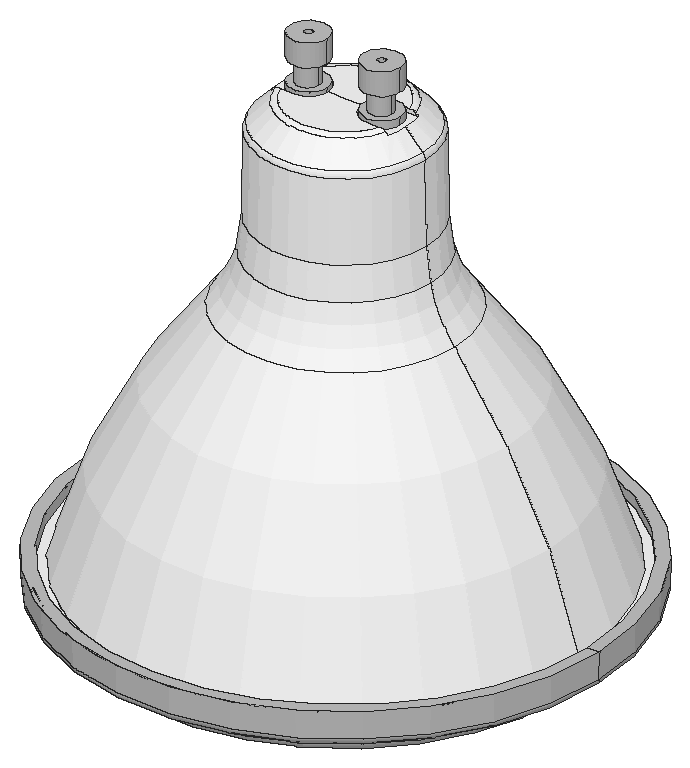
Revit family "STL23434_27", category Luminárias, Revit 2023
Family settings
  Cota do conector redondo = Utilizar diâmetro
  Tipo de parte = Normal
  Com base no plano de trabalho = Não
  Sempre na vertical = Sim
  Corte com vazios quando carregada = Não
  Fonte luminosa = Sim
  Manter orientação da anotação = Não
  Compartilhado = Não
  Ponto de cálculo do ambiente = Não
Parameters (values of type "STL23434/27 - BIVOLT - 2700K - 350lm - 24°")
  Ângulo de inclinação = 90.00°
  Ângulo de Abertura = "24°"
  Wattage = 2.35624 W
  URL = "https://stella.com.br/"
  Troca de temperatura da cor de lâmpada com esmaecimento = <Nenhum>
  Tensão Elétrica = "100V-240V"
  built-in parameter 1150107 = 2700 (stored number, unit not read)
  Temperatura da cor (K) = 2700 K
  Referência = "STL23433/27"
  Potência = 4 W
  built-in parameter 1150110 = 1 (stored number, unit not read)
  built-in parameter 1150109 = 1 (stored number, unit not read)
  built-in parameter 1114218 = 1 (stored number, unit not read)
  built-in parameter 1150112 = 1 (stored number, unit not read)
  built-in parameter 1150113 = 1 (stored number, unit not read)
  built-in parameter 1150142 = "IESNA:LM-63-2002\r\n[TEST] Viso BaseSpion - serial: 2183678036 sensor serial: 1483989726\r\n[TESTLAB] Viso BaseSpion - serial: 2183678036 sensor serial: 1483989726 - Test lab\r\n[MANUFAC] N/A\r\n[ISSUEDATE] 22/06/2023\r\n[LUMINAIRE] STELLA - STL23434/27 - AR70 ECO 24°\r\n[LUMCAT] N/A\r\n[_SERIALNUMBER] VFR-230622-9438-MS\r\nTILT=NONE\r\n1 350 1 91 1 1 2 -0.056 -0.056 0\r\n1.0 1.0 4.10\r\n0 1 2 3 4 5 6 7 8 9 10 11 12 13 14 15 16 17 18 19 20 21 22 23 24 25 26 27 28 29 30 31 32 33 34 35 36 37 38 39 40 41 42 43 44 45 46 47 48 49 50 51 52 53 54 55 56 57 58 59 60 61 62 63 64 65 66 67 68 69 70 71 72 73 74 75 76 77 78 79 80\r\n 81 82 83 84 85 86 87 88 89 90\r\n0 \r\n1147.088867 1140.463135 1118.450928 1081.414307 1029.794434 964.740784 889.290344 806.578186 718.653809 628.671143 541.288391 459.509369 385.303925 320.867981 266.295624 221.009308 185.537949 159.168411 140.358627 127.948959 120.402298\r\n 116.043617 113.533875 112.164024 111.433128 110.860672 110.177948 109.477921 108.926605 108.520622 108.012596 107.133728 105.904617 104.393791 102.720345 100.965485 99.182663 97.625275 96.236259 94.835136 93.53598 92.261887 90.883049\r\n 89.311913 87.445747 85.209496 82.338318 78.197212 71.816353 62.66209 51.206223 38.915588 28.047962 20.373941 16.1166 14.194821 13.313189 12.71951 12.185637 11.757394 11.457028 11.2443 11.090177 10.891327 10.448911 9.721576 8.804545\r\n 7.82618 6.906081 5.959147 4.869029 3.678138 2.543659 1.515689 0.668092 0.231241 0.113839 0.080034 0.059379 0.052281 0.042589 0.042533 0.04179 0.039017 0.038884 0.04144 0.040938 0.039413 0.042266 0.034909 0.031259\r\n"
  built-in parameter 1150132 = 2
  built-in parameter 1150137 = (empty or 0)
  Modelo = "Lâmpada LED AR70 24° ECO"
  Luminoso [instance] = Luminoso - 2700K
  built-in parameter 1150106 = 19.052 (stored number, unit not read)
  built-in parameter 1150102 = (empty or 0)
  built-in parameter 1150105 = 1905.2 (stored number, unit not read)
  IRC (Índice de reprodução de cores) = ">80"
  Grau de proteção (IP) = "IP20"
  Fluxo Luminoso = 350 lm
  Color Filter = 16777215
  built-in parameter 1114217 = 1 (stored number, unit not read)
  built-in parameter 1150139 = (empty or 0)
  Fabricante = "Stella"
  Estrutura [instance] = Al - Branco
  Default Elevation = 0.00 m
  built-in parameter 1150104 = 13.8 (stored number, unit not read)
  Diâmetro = 0.07 m
  Dimerização = "Não dimerizável"
  built-in parameter 1150115 = 1 (stored number, unit not read)
  built-in parameter 1150114 = 1 (stored number, unit not read)
  Cromado [instance] = Cromado
  Lumens = 350 lm
  built-in parameter 1150138 = (empty or 0)
  built-in parameter 1150134 = (empty or 0)
  Arquivo de rede fotométrica = "STELLA - STL23434-27 - AR70 ECO 24°.ies"
  Altura = 0.069 m
  built-in parameter 1150133 = 10 (stored number, unit not read)
Reference planes (m)
  plane 1 "Centro (Frente/Trás)": y = 0
  plane 2: z = 0
  plane 3 "Centro (Esquerda/Direita)": x = 0
  plane 4: x = 0.035
  plane 5: x = -0.035
  plane 6 "Superior": z = 0.061573
  plane 7 "Base": z = -0.007427
  plane 8: y = 0.035
  plane 9: y = -0.035
Forms (m)
  Extrusion 1, void
    sketch origin (0.017547, -0.129323, 0) x (1, 0, 0) y (0, 1, 0)
      loop
        arc (-0.019858, 0.129323) -> (-0.020631, 0.131192) -> (-0.0225, 0.131966) r 0.002642
        line (-0.0225, 0.131966) -> (-0.026641, 0.131966)
        arc (-0.026641, 0.131966) -> (-0.026738, 0.130731) -> (-0.026775, 0.129493) r 0.025985
        arc (-0.026775, 0.129493) -> (-0.026747, 0.128085) -> (-0.026641, 0.126681) r 0.025985
        line (-0.026641, 0.126681) -> (-0.0225, 0.126681)
        arc (-0.0225, 0.126681) -> (-0.020631, 0.127455) -> (-0.019858, 0.129323) r 0.002642
    from 0.0549 to 0.0559
  Extrusion 2, solid, material "Cromado" <- "Cromado"
    sketch origin (0, 0, 0) x (1, 0, 0) y (0, 1, 0)
      loop
        circle (-0.005, 0) r 0.0025
    from 0.0549 to 0.0559
  Extrusion 3, solid, material "Cromado" <- "Cromado"
    sketch origin (-0.0001, 0, 0) x (1, 0, 0) y (0, 1, 0)
      loop
        circle (-0.005, 0) r 0.0015
    from 0.0559 to 0.0589
  Extrusion 4, solid, material "Cromado" <- "Cromado"
    sketch origin (0, 0, 0) x (1, 0, 0) y (0, 1, 0)
      loop
        circle (-0.005, 0) r 0.0025
    from 0.0619 to 0.0589
  Extrusion 5, solid, material "Cromado" <- "Cromado"
    sketch origin (0, 0, 0) x (-1, 0, 0) y (0, -1, 0)
      loop
        circle (-0.005, 0) r 0.0025
    from 0.0549 to 0.0559
  Extrusion 6, solid, material "Cromado" <- "Cromado"
    sketch origin (-0.0001, 0, 0) x (-1, 0, 0) y (0, -1, 0)
      loop
        circle (-0.005, 0) r 0.0015
    from 0.0559 to 0.0589
  Extrusion 7, solid, material "Cromado" <- "Cromado"
    sketch origin (0, 0, 0) x (-1, 0, 0) y (0, -1, 0)
      loop
        circle (-0.005, 0) r 0.0025
    from 0.0619 to 0.0589
  Extrusion 8, void
    sketch origin (-0.000028, 0, 0) x (1, 0, 0) y (0, 1, 0)
      loop
        circle (-0.004972, 0) r 0.0005
    from 0.0619 to 0.0549
  Extrusion 9, void
    sketch origin (0, 0, 0) x (-1, 0, 0) y (0, -1, 0)
      loop
        circle (-0.005, 0) r 0.0005
    from 0.0549 to 0.0619
  Revolve 10, solid, material "Cromado" <- "Cromado"
    sketch origin (0, 0, 0) x (1, 0, 0) y (0, 0, 1)
      loop
        line (0.028274, -0.007427) -> (0.029074, -0.007427)
        arc (0.029074, -0.007427) -> (0.029945, -0.00713) -> (0.030455, -0.006363) r 0.001429
        line (0.030455, -0.006363) -> (0.030896, -0.0049) -> (0.032454, -0.0049)
        arc (0.032454, -0.0049) -> (0.032856, -0.00486) -> (0.033229, -0.004705) r 0.001364
        line (0.033229, -0.004705) -> (0.034261, -0.00408)
        arc (0.034261, -0.00408) -> (0.034548, -0.003779) -> (0.034643, -0.003373) r 0.000793
        line (0.034643, -0.003373) -> (0.034702, 0) -> (0.033102, 0) -> (0.033079, -0.0013) -> (0.033902, -0.0013) -> (0.033902, -0.0021) -> (0.033164, -0.003116) -> (0.032544, -0.0036) -> (0.029761, -0.0036) -> (0.029605, -0.004446)
        arc (0.029605, -0.004446) -> (0.029228, -0.005086) -> (0.028589, -0.005466) r 0.001495
        arc (0.028589, -0.005466) -> (0.028149, -0.005347) -> (0.027896, -0.004966) r 0.000649
        arc (0.027896, -0.004966) -> (0.021777, 0.00596) -> (0.014324, 0.016022) r 0.098647
        arc (0.014324, 0.016022) -> (0.014007, 0.016293) -> (0.013602, 0.01639) r 0.000892
        line (0.013602, 0.01639) -> (0.011321, 0.01639) -> (0.011321, 0.01519) -> (0.013717, 0.01519)
        arc (0.013717, 0.01519) -> (0.02144, 0.004632) -> (0.027682, -0.006864) r 0.097647
        arc (0.027682, -0.006864) -> (0.027924, -0.007202) -> (0.028274, -0.007427) r 0.001101
      axis (0, 0.01639) -> (0, -0.007427)
    angle from 0 to 360
  Revolve 11, solid, material "Al - Branco" <- "Estrutura"
    sketch origin (0, 0, 0) x (1, 0, 0) y (0, 0, 1)
      loop
        arc (0.009999, 0.041174) -> (0.010203, 0.038992) -> (0.010573, 0.036832) r 0.028692
        arc (0.010573, 0.036832) -> (0.011085, 0.034849) -> (0.011773, 0.03292) r 0.022775
        line (0.011773, 0.03292) -> (0.011797, 0.03163)
        arc (0.011797, 0.03163) -> (0.011903, 0.031105) -> (0.012186, 0.03065) r 0.0015
        arc (0.012186, 0.03065) -> (0.015163, 0.027191) -> (0.017959, 0.023584) r 0.0889
        arc (0.017959, 0.023584) -> (0.025148, 0.012044) -> (0.030494, -0.000458) r 0.0889
        line (0.030494, -0.000458) -> (0.030534, -0.0016) -> (0.029534, -0.0016) -> (0.029534, -0.0024) -> (0.0302, -0.0035) -> (0.032, -0.0035) -> (0.033451, -0.002049) -> (0.0338, -0.0013) -> (0.031923, -0.0013)
        arc (0.031923, -0.0013) -> (0.025236, 0.015494) -> (0.014975, 0.030377) r 0.080631
        arc (0.014975, 0.030377) -> (0.012885, 0.033505) -> (0.011649, 0.037059) r 0.014848
        arc (0.011649, 0.037059) -> (0.011286, 0.039197) -> (0.011091, 0.041357) r 0.027592
        line (0.011091, 0.041357) -> (0.010909, 0.051767)
        arc (0.010909, 0.051767) -> (0.01083, 0.052201) -> (0.010614, 0.052586) r 0.001348
        line (0.010614, 0.052586) -> (0.008018, 0.055182)
        arc (0.008018, 0.055182) -> (0.007664, 0.055418) -> (0.007247, 0.0555) r 0.001086
        line (0.007247, 0.0555) -> (0, 0.0555) -> (0, 0.0542) -> (0.007303, 0.0542) -> (0.00981, 0.051693) -> (0.009992, 0.041298)
      axis (0, 0.0555) -> (0, -0.0035)
    angle from 0 to 360
  Revolve 12, solid, material "Luminoso - 2700K" <- "Luminoso"
    sketch origin (0, 0, 0) x (1, 0, 0) y (0, 0, 1)
      loop
        arc (0.006569, 0.006435) -> (0.009729, 0.011069) -> (0.011171, 0.01649) r 0.01665
        line (0.011171, 0.01649) -> (0.015171, 0.01649) -> (0.015171, 0.018) -> (0.011311, 0.018)
        arc (0.011311, 0.018) -> (0.009983, 0.017496) -> (0.009325, 0.016238) r 0.002
        arc (0.009325, 0.016238) -> (0.00859, 0.013079) -> (0.007187, 0.010156) r 0.01484
        arc (0.007187, 0.010156) -> (0.005894, 0.008746) -> (0.004178, 0.0079) r 0.005191
        line (0.004178, 0.0079) -> (0, 0.0079) -> (0, 0.00618) -> (0.006569, 0.006435)
      axis (0, 0.018) -> (0, 0.00618)
    angle from 0 to 360
  Revolve 13, solid, material "Cromado" <- "Cromado"
    sketch origin (0, 0, 0) x (1, 0, 0) y (0, 0, 1)
      loop
        arc (0.006279, -0.00097) -> (0.003286, 0.002493) -> (0, 0.00568) r 0.05201
        line (0, 0.00568) -> (0, -0.00652) -> (0.003465, -0.00652)
        arc (0.003465, -0.00652) -> (0.005611, -0.005631) -> (0.0065, -0.003485) r 0.003035
        line (0.0065, -0.003485) -> (0.0065, -0.001773)
        arc (0.0065, -0.001773) -> (0.006444, -0.001357) -> (0.006279, -0.00097) r 0.001569
      axis (0, 0.00568) -> (0, -0.00652)
    angle from 0 to 360
  Revolve 14, solid, material "Cromado" <- "Cromado"
    sketch origin (0, 0, 0) x (1, 0, 0) y (0, 0, 1)
      loop
        arc (0, 0.00618) -> (0.003353, 0.002958) -> (0.006408, -0.000549) r 0.052318
        line (0.006408, -0.000549) -> (0.006569, 0.006435) -> (0, 0.00618)
      axis (0, 0.006435) -> (0, -0.000549)
    angle from 0 to 360
  Extrusion 15, solid, material "Cromado" <- "Cromado"
    sketch origin (0, 0, 0) x (1, 0, 0) y (0, 0, 1)
      loop
        arc (0.006444, -0.001357) -> (0.006492, -0.001755) -> (0.0065, -0.002157) r 0.003999
        line (0.0065, -0.002157) -> (0.0065, -0.003485)
        arc (0.0065, -0.003485) -> (0.005611, -0.005631) -> (0.003465, -0.00652) r 0.003035
        line (0.003465, -0.00652) -> (0, -0.00652) -> (-0.003465, -0.00652)
        arc (-0.003465, -0.00652) -> (-0.005611, -0.005631) -> (-0.0065, -0.003485) r 0.003035
        line (-0.0065, -0.003485) -> (-0.0065, -0.002157)
        arc (-0.0065, -0.002157) -> (-0.006492, -0.001755) -> (-0.006444, -0.001357) r 0.003999
        line (-0.006444, -0.001357) -> (-0.02, 0.00228) -> (-0.024712, 0.00228)
        arc (-0.024712, 0.00228) -> (-0.026164, 0.001571) -> (-0.027255, 0.00038) r 0.004334
        line (-0.027255, 0.00038) -> (-0.025527, 0.00038) -> (-0.025475, -0.002602) -> (-0.0085, -0.00712) -> (0.0085, -0.00712) -> (0.025475, -0.002602) -> (0.025527, 0.00038) -> (0.027255, 0.00038)
        arc (0.027255, 0.00038) -> (0.026164, 0.001571) -> (0.024712, 0.00228) r 0.004334
        line (0.024712, 0.00228) -> (0.02, 0.00228) -> (0.006444, -0.001357)
    from -0.000705 to 0.0007
  Extrusion 16, void
    sketch origin (-0.017547, -0.129323, 0) x (-1, 0, 0) y (0, -1, 0)
      loop
        arc (-0.019858, -0.129323) -> (-0.020631, -0.127455) -> (-0.0225, -0.126681) r 0.002642
        line (-0.0225, -0.126681) -> (-0.026641, -0.126681)
        arc (-0.026641, -0.126681) -> (-0.026747, -0.128085) -> (-0.026775, -0.129493) r 0.025985
        arc (-0.026775, -0.129493) -> (-0.026738, -0.130731) -> (-0.026641, -0.131966) r 0.025985
        line (-0.026641, -0.131966) -> (-0.0225, -0.131966)
        arc (-0.0225, -0.131966) -> (-0.020631, -0.131192) -> (-0.019858, -0.129323) r 0.002642
    from 0.0549 to 0.0559
Cuts and joins
  Extrusion 8, Extrusion 9 cuts Extrusion 2
  Extrusion 8, Extrusion 9 cuts Extrusion 3
  Extrusion 8, Extrusion 9 cuts Extrusion 4
  joined: Extrusion 2, Extrusion 3, Extrusion 4
  Extrusion 9 cuts Extrusion 5
  Extrusion 9 cuts Extrusion 6
  Extrusion 9 cuts Extrusion 7
  joined: Extrusion 5, Extrusion 6, Extrusion 7
  Extrusion 1, Extrusion 16 cuts Revolve 11
Dimensions and locks (m)
  "Altura": plane 6 "Superior" to plane 7 "Base"
  "Diâmetro": plane 8 to plane 9
  aligned and locked: level to plane 2
  aligned and locked: Extrusion 3 to Extrusion 4
  aligned and locked: Extrusion 6 to Extrusion 7
Automatic sketch dimensions
  Extrusion 1 sketch curve to Extrusion 1 sketch curve = 0.00 m  (x4)
  plane 1 "Centro (Frente/Trás)" to Extrusion 1 sketch curve = 0.00 m  (x2)
  plane 1 "Centro (Frente/Trás)" to Extrusion 1 sketch curve = 0.002642 m
  Extrusion 1 sketch curve to plane 3 "Centro (Esquerda/Direita)" = 0.009094 m
  Extrusion 1 sketch curve to Extrusion 1 sketch curve = 0.004141 m
  plane 3 "Centro (Esquerda/Direita)" to Extrusion 1 sketch curve = 0.016756 m
  Extrusion 1 sketch curve to plane 1 "Centro (Frente/Trás)" = 0.00017 m
  plane 1 "Centro (Frente/Trás)" to Extrusion 2 sketch curve = 0.00 m
  Extrusion 2 sketch curve to plane 3 "Centro (Esquerda/Direita)" = 0.005 m
  plane 1 "Centro (Frente/Trás)" to Extrusion 3 sketch curve = 0.00 m
  Extrusion 3 sketch curve to plane 3 "Centro (Esquerda/Direita)" = 0.0051 m
  plane 1 "Centro (Frente/Trás)" to Extrusion 4 sketch curve = 0.00 m
  Extrusion 4 sketch curve to plane 3 "Centro (Esquerda/Direita)" = 0.005 m
  plane 1 "Centro (Frente/Trás)" to Extrusion 5 sketch curve = 0.00 m
  plane 3 "Centro (Esquerda/Direita)" to Extrusion 5 sketch curve = 0.005 m
  plane 1 "Centro (Frente/Trás)" to Extrusion 6 sketch curve = 0.00 m
  plane 3 "Centro (Esquerda/Direita)" to Extrusion 6 sketch curve = 0.0049 m
  plane 1 "Centro (Frente/Trás)" to Extrusion 7 sketch curve = 0.00 m
  plane 3 "Centro (Esquerda/Direita)" to Extrusion 7 sketch curve = 0.005 m
  Extrusion 8 sketch curve to Extrusion 8 sketch curve = 0.00 m  (x2)
  plane 1 "Centro (Frente/Trás)" to Extrusion 8 sketch curve = 0.00 m
  Extrusion 8 sketch curve to plane 3 "Centro (Esquerda/Direita)" = 0.005 m
  Extrusion 8 sketch curve to Extrusion 8 sketch curve = 0.0005 m
  Extrusion 9 sketch curve to Extrusion 9 sketch curve = 0.00 m  (x2)
  plane 1 "Centro (Frente/Trás)" to Extrusion 9 sketch curve = 0.00 m
  plane 3 "Centro (Esquerda/Direita)" to Extrusion 9 sketch curve = 0.005 m
  Extrusion 9 sketch curve to plane 1 "Centro (Frente/Trás)" = 0.0005 m
  Revolve 10 sketch curve to Revolve 10 sketch curve = 0.00 m  (x2)
  Revolve 10 sketch curve to plane 3 "Centro (Esquerda/Direita)" = 0.00 m
  Revolve 10 sketch curve to plane 7 "Base" = 0.00 m
  Revolve 10 sketch curve to level = 0.00 m
  Revolve 10 sketch curve to plane 5 = 0.026058 m
  plane 3 "Centro (Esquerda/Direita)" to Revolve 10 sketch curve = 0.011321 m
  Revolve 10 sketch curve to Revolve 10 sketch curve = 0.002281 m
  Revolve 10 sketch curve to Revolve 10 sketch curve = 0.000115 m
  plane 7 "Base" to Revolve 10 sketch curve = 0.003395 m
  Revolve 10 sketch curve to plane 4 = 0.006832 m
  Revolve 10 sketch curve to Revolve 10 sketch curve = 0.000105 m
  Revolve 10 sketch curve to Revolve 10 sketch curve = 0.00036 m
  Revolve 10 sketch curve to Revolve 10 sketch curve = 0.000409 m
  Revolve 10 sketch curve to Revolve 10 sketch curve = 0.0008 m  (x2)
  Revolve 10 sketch curve to Revolve 10 sketch curve = 0.001076 m
  Revolve 10 sketch curve to Revolve 10 sketch curve = 0.000156 m
  plane 7 "Base" to Revolve 10 sketch curve = 0.001063 m
  Revolve 10 sketch curve to Revolve 10 sketch curve = 0.001381 m
  Revolve 10 sketch curve to Revolve 10 sketch curve = 0.001291 m
  Revolve 10 sketch curve to Revolve 10 sketch curve = 0.001558 m
  Revolve 10 sketch curve to Revolve 10 sketch curve = 0.000069 m
  Revolve 10 sketch curve to Revolve 10 sketch curve = 0.000021 m
  Revolve 10 sketch curve to plane 4 = 0.001921 m
  Revolve 10 sketch curve to Revolve 10 sketch curve = 0.000023 m
  Revolve 10 sketch curve to Revolve 10 sketch curve = 0.000642 m
  Revolve 10 sketch curve to Revolve 10 sketch curve = 0.000775 m
  Revolve 10 sketch curve to Revolve 10 sketch curve = 0.000687 m
  Revolve 10 sketch curve to plane 4 = 0.001098 m
  Revolve 10 sketch curve to plane 4 = 0.000739 m
  Revolve 10 sketch curve to plane 4 = 0.000357 m
  Revolve 10 sketch curve to plane 4 = 0.000298 m
  Revolve 10 sketch curve to plane 7 "Base" = 0.04018 m
  Revolve 10 sketch curve to Revolve 10 sketch curve = 0.000407 m
  Revolve 10 sketch curve to Revolve 10 sketch curve = 0.001463 m
  Revolve 10 sketch curve to Revolve 10 sketch curve = 0.000788 m
  Revolve 10 sketch curve to Revolve 10 sketch curve = 0.000195 m
  Revolve 10 sketch curve to Revolve 10 sketch curve = 0.000375 m
  Revolve 10 sketch curve to Revolve 10 sketch curve = 0.000625 m
  Revolve 10 sketch curve to Revolve 10 sketch curve = 0.000062 m
  Revolve 10 sketch curve to Revolve 10 sketch curve = 0.000678 m
  Revolve 10 sketch curve to Revolve 10 sketch curve = 0.000287 m
  Revolve 10 sketch curve to Revolve 10 sketch curve = 0.001016 m
  level to Revolve 10 sketch curve = 0.01519 m
  Revolve 10 sketch curve to Revolve 10 sketch curve = 0.000308 m
  Revolve 10 sketch curve to Revolve 10 sketch curve = 0.000892 m
  Revolve 10 sketch curve to Revolve 10 sketch curve = 0.000722 m
  Revolve 10 sketch curve to Revolve 10 sketch curve = 0.000632 m
  Revolve 10 sketch curve to plane 7 "Base" = 0.005076 m
  Revolve 10 sketch curve to Revolve 10 sketch curve = 0.00431 m
  Revolve 11 sketch curve to Revolve 11 sketch curve = 0.00 m  (x6)
  Revolve 11 sketch curve to plane 3 "Centro (Esquerda/Direita)" = 0.00 m  (x2)
  Revolve 11 sketch curve to plane 5 = 0.01086 m
  Revolve 11 sketch curve to Revolve 11 sketch curve = 0.007821 m
  plane 3 "Centro (Esquerda/Direita)" to Revolve 11 sketch curve = 0.007247 m
  Revolve 11 sketch curve to Revolve 11 sketch curve = 0.000003 m
  Revolve 11 sketch curve to Revolve 11 sketch curve = 0.000053 m
  Revolve 11 sketch curve to Revolve 11 sketch curve = 0.000771 m
  Revolve 11 sketch curve to Revolve 11 sketch curve = 0.002259 m
  Revolve 11 sketch curve to Revolve 11 sketch curve = 0.000249 m
  Revolve 11 sketch curve to Revolve 11 sketch curve = 0.000804 m
  Revolve 11 sketch curve to Revolve 11 sketch curve = 0.000295 m
  Revolve 11 sketch curve to Revolve 11 sketch curve = 0.000182 m
  Revolve 11 sketch curve to Revolve 11 sketch curve = 0.000682 m
  Revolve 11 sketch curve to Revolve 11 sketch curve = 0.000024 m
  Revolve 11 sketch curve to Revolve 11 sketch curve = 0.0015 m
  Revolve 11 sketch curve to plane 4 = 0.008822 m
  Revolve 11 sketch curve to level = 0.0024 m
  Revolve 11 sketch curve to plane 4 = 0.005466 m
  Revolve 11 sketch curve to Revolve 11 sketch curve = 0.000666 m
  Revolve 11 sketch curve to level = 0.000458 m
  Revolve 11 sketch curve to Revolve 11 sketch curve = 0.00096 m
  Revolve 11 sketch curve to Revolve 11 sketch curve = 0.001 m
  Revolve 11 sketch curve to Revolve 11 sketch curve = 0.001389 m
  Revolve 11 sketch curve to Revolve 11 sketch curve = 0.0018 m
  Revolve 11 sketch curve to plane 4 = 0.002142 m
  Revolve 11 sketch curve to plane 4 = 0.001549 m
  Revolve 11 sketch curve to Revolve 11 sketch curve = 0.000349 m
  plane 4 to Revolve 11 sketch curve = 0.003648 m
  Revolve 11 sketch curve to Revolve 11 sketch curve = 0.0011 m  (x2)
  Revolve 11 sketch curve to plane 7 "Base" = 0.015116 m
  Revolve 11 sketch curve to Revolve 11 sketch curve = 0.006513 m
  Revolve 11 sketch curve to level = 0.002049 m
  Revolve 11 sketch curve to Revolve 11 sketch curve = 0.0008 m
  Revolve 11 sketch curve to level = 0.0013 m
  level to Revolve 11 sketch curve = 0.03163 m
  Revolve 11 sketch curve to Revolve 11 sketch curve = 0.000028 m
  Revolve 11 sketch curve to Revolve 11 sketch curve = 0.001291 m
  Revolve 11 sketch curve to Revolve 11 sketch curve = 0.008464 m
  Revolve 11 sketch curve to Revolve 11 sketch curve = 0.008437 m
  Revolve 11 sketch curve to Revolve 11 sketch curve = 0.001408 m
  Revolve 11 sketch curve to Revolve 11 sketch curve = 0.001221 m
  Revolve 11 sketch curve to Revolve 11 sketch curve = 0.010335 m
  Revolve 11 sketch curve to Revolve 11 sketch curve = 0.000051 m
  Revolve 11 sketch curve to Revolve 11 sketch curve = 0.000075 m
  Revolve 11 sketch curve to Revolve 11 sketch curve = 0.002456 m
  Revolve 11 sketch curve to Revolve 11 sketch curve = 0.000214 m
  Revolve 11 sketch curve to Revolve 11 sketch curve = 0.000768 m
  Revolve 11 sketch curve to Revolve 11 sketch curve = 0.001099 m
  Revolve 11 sketch curve to Revolve 11 sketch curve = 0.000007 m
  Revolve 11 sketch curve to Revolve 11 sketch curve = 0.002984 m
  Revolve 11 sketch curve to plane 7 "Base" = 0.005076 m
  Revolve 11 sketch curve to Revolve 11 sketch curve = 0.000124 m
  plane 6 "Superior" to Revolve 11 sketch curve = 0.004914 m
  Revolve 12 sketch curve to Revolve 12 sketch curve = 0.00 m  (x3)
  Revolve 12 sketch curve to plane 3 "Centro (Esquerda/Direita)" = 0.00 m  (x2)
  Revolve 12 sketch curve to plane 3 "Centro (Esquerda/Direita)" = 0.00541 m
  plane 3 "Centro (Esquerda/Direita)" to Revolve 12 sketch curve = 0.00278 m
  Revolve 12 sketch curve to Revolve 12 sketch curve = 0.004178 m
  Revolve 12 sketch curve to Revolve 12 sketch curve = 0.002391 m
  Revolve 12 sketch curve to Revolve 12 sketch curve = 0.008391 m
  Revolve 12 sketch curve to Revolve 12 sketch curve = 0.000139 m
  Revolve 12 sketch curve to Revolve 12 sketch curve = 0.003861 m
  level to Revolve 12 sketch curve = 0.00618 m
  level to Revolve 12 sketch curve = 0.006435 m
  Revolve 12 sketch curve to Revolve 12 sketch curve = 0.00172 m
  Revolve 12 sketch curve to Revolve 12 sketch curve = 0.005 m
  Revolve 12 sketch curve to Revolve 12 sketch curve = 0.0031 m
  Revolve 12 sketch curve to Revolve 12 sketch curve = 0.00049 m
  Revolve 12 sketch curve to Revolve 12 sketch curve = 0.00151 m
  plane 7 "Base" to Revolve 12 sketch curve = 0.001842 m
  Revolve 12 sketch curve to Revolve 12 sketch curve = 0.0032 m
  Revolve 13 sketch curve to plane 3 "Centro (Esquerda/Direita)" = 0.00 m  (x2)
  plane 5 to Revolve 13 sketch curve = 0.00047 m
  plane 3 "Centro (Esquerda/Direita)" to Revolve 13 sketch curve = 0.003465 m
  Revolve 13 sketch curve to Revolve 13 sketch curve = 0.001466 m
  Revolve 13 sketch curve to Revolve 13 sketch curve = 0.001569 m
  Revolve 13 sketch curve to plane 7 "Base" = 0.025787 m
  plane 7 "Base" to Revolve 13 sketch curve = 0.000907 m
  Revolve 13 sketch curve to level = 0.001773 m
  level to Revolve 13 sketch curve = 0.00568 m
  Revolve 13 sketch curve to plane 7 "Base" = 0.000586 m
  Revolve 13 sketch curve to Revolve 13 sketch curve = 0.001307 m
  Revolve 14 sketch curve to plane 3 "Centro (Esquerda/Direita)" = 0.00 m  (x2)
  plane 5 to Revolve 14 sketch curve = 0.000464 m
  Revolve 14 sketch curve to level = 0.000549 m
  plane 3 "Centro (Esquerda/Direita)" to Revolve 14 sketch curve = 0.006408 m
  plane 3 "Centro (Esquerda/Direita)" to Revolve 14 sketch curve = 0.006569 m
  Revolve 14 sketch curve to plane 7 "Base" = 0.025693 m
  level to Revolve 14 sketch curve = 0.006435 m
  plane 7 "Base" to Revolve 14 sketch curve = 0.002053 m
  Revolve 14 sketch curve to Revolve 14 sketch curve = 0.006948 m
  Extrusion 15 sketch curve to plane 3 "Centro (Esquerda/Direita)" = 0.00 m
  Extrusion 15 sketch curve to plane 3 "Centro (Esquerda/Direita)" = 0.002503 m
  plane 7 "Base" to Extrusion 15 sketch curve = 0.000907 m
  Extrusion 15 sketch curve to plane 3 "Centro (Esquerda/Direita)" = 0.003465 m
  Extrusion 15 sketch curve to level = 0.001357 m  (x2)
  Extrusion 15 sketch curve to Extrusion 15 sketch curve = 0.002979 m  (x2)
  Extrusion 15 sketch curve to Extrusion 15 sketch curve = 0.000056 m  (x2)
  plane 7 "Base" to Extrusion 15 sketch curve = 0.000307 m
  Extrusion 15 sketch curve to Extrusion 15 sketch curve = 0.002 m  (x2)
  level to Extrusion 15 sketch curve = 0.00228 m  (x2)
  Extrusion 15 sketch curve to Extrusion 15 sketch curve = 0.013556 m  (x2)
  Extrusion 15 sketch curve to Extrusion 15 sketch curve = 0.00357 m  (x2)
  Extrusion 15 sketch curve to Extrusion 15 sketch curve = 0.001142 m  (x2)
  Extrusion 15 sketch curve to level = 0.002602 m  (x2)
  Extrusion 15 sketch curve to Extrusion 15 sketch curve = 0.001905 m  (x2)
  level to Extrusion 15 sketch curve = 0.00038 m  (x2)
  Extrusion 15 sketch curve to Extrusion 15 sketch curve = 0.000815 m
  Extrusion 15 sketch curve to Extrusion 15 sketch curve = 0.001728 m  (x2)
  plane 3 "Centro (Esquerda/Direita)" to Extrusion 15 sketch curve = 0.002503 m
  plane 3 "Centro (Esquerda/Direita)" to Extrusion 15 sketch curve = 0.003465 m
  Extrusion 15 sketch curve to level = 0.001901 m
  Extrusion 15 sketch curve to Extrusion 15 sketch curve = 0.0008 m  (x2)
  Extrusion 16 sketch curve to Extrusion 16 sketch curve = 0.00 m  (x4)
  plane 1 "Centro (Frente/Trás)" to Extrusion 16 sketch curve = 0.00 m  (x2)
  plane 1 "Centro (Frente/Trás)" to Extrusion 16 sketch curve = 0.002642 m
  plane 3 "Centro (Esquerda/Direita)" to Extrusion 16 sketch curve = 0.009094 m
  Extrusion 16 sketch curve to Extrusion 16 sketch curve = 0.004141 m
  Extrusion 16 sketch curve to plane 3 "Centro (Esquerda/Direita)" = 0.016756 m
  Extrusion 16 sketch curve to plane 1 "Centro (Frente/Trás)" = 0.00017 m
  radius of Extrusion 2 sketch curve = 0.0025 m
  radius of Extrusion 3 sketch curve = 0.0015 m
  radius of Extrusion 4 sketch curve = 0.0025 m
  radius of Extrusion 5 sketch curve = 0.0025 m
  radius of Extrusion 6 sketch curve = 0.0015 m
  radius of Extrusion 7 sketch curve = 0.0025 m
Connectors (m)
  electrical at (0, 0, 0.061573)
    settings: index 1, voltage 0 V, apparent load 0 VA, apparent load phase1 0 VA, apparent load phase2 0 VA, apparent load phase3 0 VA, power factor 1, load classification "Outro", number of poles 1, system type 31, power factor state 1, is connector primary yes, connector utility no, sub classification motor no, connector description ""
